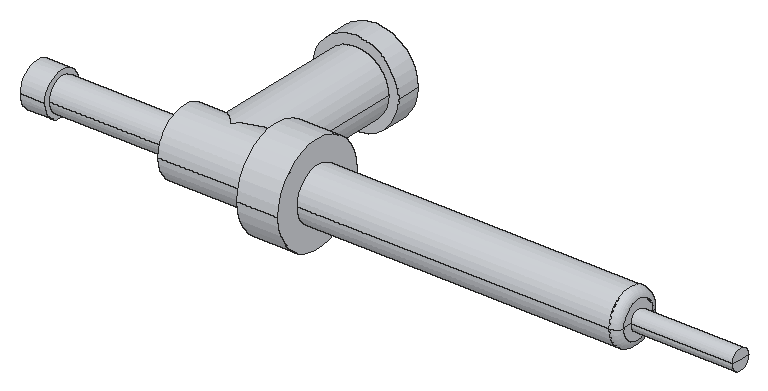
Revit family "9e1130722ef54950b4471e27ed01caa0", category Pipe Accessories, Revit 2021
Family settings
  Round Connector Dimension = Use Radius
  Part Type = Valve - Normal
  OmniClass Number = 23.65.55.14.17
  OmniClass Title = Adjusting/Controlling Valves for Liquid Services
  Seek Item ID = Pressure Relief Valve - 1-10 Inch-0000-USA-ENU
  Work Plane-Based = No
  Always vertical = Yes
  Cut with Voids When Loaded = No
  Shared = No
Parameters (values of type "1"x2"")
  Valve Material = none
  Outlet Nominal Radius = 1"
  Outlet Nominal Diameter = Outlet Nominal Radius * 2  # 2"
  Outlet Flange Radius = Outlet Flange Diameter / 2  # 0' - 1.3"
  Outlet Flange Diameter = Outlet Nominal Radius * 2.6  # 0' - 2.6"
  Inlet Nominal Radius = 1/2"
  Inlet Nominal Diameter = Inlet Nominal Radius * 2  # 1"
  Inlet Flange Radius = Inlet Flange Diameter / 2  # 0' - 0.65"
  Inlet Flange Diameter = Inlet Nominal Radius * 2.6  # 0' - 1.3"
  Height 4 = 0.2 * Height 1  # 0' - 3.1"
  Height 3 = 0.08 * Height 1  # 0' - 1.24"
  Height 2 = 1.4 * Outlet Nominal Diameter  # 0' - 2.8"
  Height 1 = 1' - 3 1/2"
  Radius 2 = 0.4 * Outlet Nominal Diameter  # 0' - 0.8"
  Radius 1 = 0.75 * Outlet Nominal Diameter  # 0' - 1 1/2"
  Default Elevation = 0' - 0"
  C2 Offset 2 = 0' - 5 7/8"
  C2 Offset 1 = 0' - 5 1/2"
Types (10): name | Outlet Nominal Radius | Outlet Nominal Diameter | Outlet Flange Radius | Outlet Flange Diameter | Inlet Nominal Radius | Inlet Nominal Diameter | Inlet Flange Radius | Inlet Flange Diameter | Height 4 | Height 3 | Height 2 | Height 1 | Radius 2 | Radius 1 | C2 Offset 2 | C2 Offset 1
  1"x2" | 1" | 2" | 0' - 1.3" | 0' - 2.6" | 1/2" | 1" | 0' - 0.65" | 0' - 1.3" | 0' - 3.1" | 0' - 1.24" | 0' - 2.8" | 1' - 3 1/2" | 0' - 0.8" | 0' - 1 1/2" | 0' - 5 7/8" | 0' - 5 1/2"
  1 1/2"x2" | 1" | 2" | 0' - 1.3" | 0' - 2.6" | 3/4" | 1 1/2" | 0' - 0.975" | 0' - 1.95" | 0' - 3.1" | 0' - 1.24" | 0' - 2.8" | 1' - 3 1/2" | 0' - 0.8" | 0' - 1 1/2" | 0' - 6 5/16" | 0' - 5 1/2"
  1 1/2"x3" | 1 1/2" | 3" | 0' - 1.95" | 0' - 3.9" | 3/4" | 1 1/2" | 0' - 0.975" | 0' - 1.95" | 0' - 4.2" | 0' - 1.68" | 0' - 4.2" | 1' - 9" | 0' - 1.2" | 0' - 2 1/4" | 0' - 6 7/8" | 0' - 6 5/16"
  2"x3" | 1 1/2" | 3" | 0' - 1.95" | 0' - 3.9" | 1" | 2" | 0' - 1.3" | 0' - 2.6" | 0' - 4.2" | 0' - 1.68" | 0' - 4.2" | 1' - 9" | 0' - 1.2" | 0' - 2 1/4" | 0' - 6 7/8" | 0' - 6 5/16"
  3"x4" | 2" | 4" | 0' - 2.6" | 0' - 5.2" | 1 1/2" | 3" | 0' - 1.95" | 0' - 3.9" | 0' - 5.4" | 0' - 2.16" | 0' - 5.6" | 2' - 3" | 0' - 1.6" | 0' - 3" | 0' - 6 11/16" | 0' - 7 1/2"
  4"x6" | 3" | 6" | 0' - 3.9" | 0' - 7.8" | 2" | 4" | 0' - 2.6" | 0' - 5.2" | 0' - 7.2" | 0' - 2.88" | 0' - 8.4" | 3' - 0" | 0' - 2.4" | 0' - 4 1/2" | 0' - 8 11/16" | 0' - 8 7/8"
  6"x8" | 4" | 8" | 0' - 5.2" | 0' - 10.4" | 3" | 6" | 0' - 3.9" | 0' - 7.8" | 0' - 7.3" | 0' - 2.92" | 0' - 11.2" | 3' - 0 1/2" | 0' - 3.2" | 0' - 6" | 0' - 9 7/16" | 0' - 8 7/8"
  6"x10" | 5" | 10" | 0' - 6 1/2" | 1' - 1" | 3" | 6" | 0' - 3.9" | 0' - 7.8" | 0' - 7.475" | 0' - 2.99" | 1' - 2" | 3' - 1 3/8" | 0' - 4" | 0' - 7 1/2" | 0' - 9 7/16" | 0' - 10 5/8"
  8"x10" | 5" | 10" | 0' - 6 1/2" | 1' - 1" | 4" | 8" | 0' - 5.2" | 0' - 10.4" | 0' - 8 1/4" | 0' - 3.3" | 1' - 2" | 3' - 5 1/4" | 0' - 4" | 0' - 7 1/2" | 0' - 11" | 0' - 11 13/16"
  10"x12" | 6" | 12" | 0' - 7.8" | 1' - 3.6" | 5" | 10" | 0' - 6 1/2" | 1' - 1" | 0' - 8 1/4" | 0' - 3.3" | 1' - 4.8" | 3' - 5 1/4" | 0' - 4.8" | 0' - 9" | 0' - 11" | 0' - 11 13/16"
Reference planes (in)
  plane 1 "Center (Front/Back)": y = 0
  plane 2: z = 0
  plane 3 "Center (Left/Right)": x = 0
  plane 4: x = 15.5
  plane 5: x = 1.4
  plane 6: x = -1.4
  plane 7: x = -5.125
  plane 8: x = 2.64
  plane 9: x = 12.4
  plane 10: x = 12.15
  plane 11: y = 0.8
  plane 12: y = -0.8
  plane 13: y = 0.3
  plane 14: y = -0.3
  plane 15: x = -1
  plane 16: x = 1
  plane 17: y = 1
  plane 18: y = -1
  plane 19: x = 5.0175
  plane 20: x = 7.395
  plane 21: x = 9.7725
  plane 22: y = 5.5
  plane 23: y = 4.75
  plane 24: x = -5.875
  plane 25: y = 0.55
Forms (in)
  Extrusion 1, solid, material <- "Valve Material", detail levels fine
    sketch origin (0, 0, 0) x (0, 1, 0) y (0, 0, 1)
      loop
        circle (0, 0) r 0.65
    from -5.875 to -5.125
  Extrusion 2, solid, material <- "Valve Material", detail levels fine
    sketch origin (0, 0, 0) x (0, 1, 0) y (0, 0, 1)
      loop
        circle (0, 0) r 0.5
    from -5.125 to -1.4
  Extrusion 3, solid, material <- "Valve Material", detail levels fine
    sketch origin (0, 0, 0) x (0, 1, 0) y (0, 0, 1)
      loop
        circle (0, 0) r 1
    from -1.4 to 1.4
  Extrusion 4, solid, material <- "Valve Material", detail levels fine
    sketch origin (0, 0, 0) x (0, 1, 0) y (0, 0, 1)
      loop
        circle (0, 0) r 1.5
    from 1.4 to 2.64
  Extrusion 5, solid, material <- "Valve Material", detail levels fine
    sketch origin (0, 0, 0) x (1, 0, 0) y (0, 0, 1)
      loop
        circle (0, 0) r 1
    from -4.75 to 0
  Extrusion 6, solid, material <- "Valve Material", detail levels fine
    sketch origin (0, 0, 0) x (1, 0, 0) y (0, 0, 1)
      loop
        circle (0, 0) r 1.3
    from -4.75 to -5.5
  Revolve 7, solid, material <- "Valve Material", detail levels fine
    sketch origin (0, 0, 0) x (1, 0, 0) y (0, 1, 0)
      loop
        line (2.64, 0.8) -> (2.64, 0) -> (15.5, 0) -> (15.5, 0.3) -> (12.4, 0.3) -> (12.4, 0.55)
        arc (12.4, 0.55) -> (12.32678, 0.72678) -> (12.15, 0.8) r 0.25
        line (12.15, 0.8) -> (2.64, 0.8)
      axis (2.64, 0) -> (15.5, 0)
    angle from 0 to 360
Cuts and joins
  joined: Extrusion 1, Extrusion 2, Extrusion 3, Extrusion 4, Extrusion 5, Extrusion 6, Revolve 7
Lines and regions (in)
  model lines, detail levels coarse+medium
    curve 1: line (-5.875, 0.65, 0) -> (-5.875, -0.65, 0)
    curve 2: line (-1, 1, 0) -> (-1, -1, 0)
    curve 3: line (-5.875, 0, 0) -> (-1, 0, 0)
    curve 4: line (0, 0, 0) -> (12.4, 0, 0)
    curve 5: line (0, 5.5, 0) -> (0.43301, 4.75, 0)
    curve 6: line (0, 5.5, 0) -> (-0.43301, 4.75, 0)
    curve 7: line (5.0175, 0.8, 0) -> (5.0175, -0.8, 0)
    curve 8: line (7.395, 0.8, 0) -> (7.395, -0.8, 0)
    curve 9: line (9.7725, 0.8, 0) -> (9.7725, -0.8, 0)
    curve 10: line (-1, 1, 0) -> (1, 1, 0)
    curve 11: line (-1, -1, 0) -> (1, 1, 0)
    curve 12: line (0, 5.5, 0) -> (0, 1, 0)
Dimensions and locks (in)
  "C2 Offset 2": plane 24 to plane 3 "Center (Left/Right)"
  locked: plane 24 to plane 7 at 0.75
  equal spacing: plane 6, plane 3 "Center (Left/Right)", plane 5
  "Height 2": plane 6 to plane 5
  equal spacing: plane 15, plane 3 "Center (Left/Right)", plane 16
  "Outlet Nominal Diameter": plane 15 to plane 16
  "Height 3": plane 5 to plane 8
  "Height 4": plane 9 to plane 4
  locked: plane 10 to plane 9 at 0.25
  equal spacing: plane 8, plane 19, plane 20, plane 21, plane 10
  "C2 Offset 1": plane 1 "Center (Front/Back)" to plane 22
  locked: plane 22 to plane 23 at 0.75
  equal spacing: curve 1, plane 1 "Center (Front/Back)", curve 1
  "Inlet Flange Diameter": curve 1 to curve 1
  "Height 1": plane 3 "Center (Left/Right)" to plane 4
  "Radius 2": plane 11 to plane 1 "Center (Front/Back)"
  equal spacing: plane 11, plane 1 "Center (Front/Back)", plane 12
  locked: plane 11 to plane 13 at 0.5
  locked: plane 12 to plane 14 at 0.5
  locked: plane 11 to plane 25 at 0.25
  equal spacing: plane 18, plane 1 "Center (Front/Back)", plane 17
  "Outlet Nominal Diameter": plane 18 to plane 17
  "Inlet Flange Radius": radius of Extrusion 1 sketch curve
  "Inlet Nominal Radius": radius of Extrusion 2 sketch curve
  "Outlet Nominal Radius": radius of Extrusion 3 sketch curve
  "Radius 1": radius of Extrusion 4 sketch curve
  "Outlet Nominal Radius": radius of Extrusion 5 sketch curve
  "Outlet Flange Radius": radius of Extrusion 6 sketch curve
  locked: plane 3 "Center (Left/Right)" to curve 5 (angle 30.00°)
  locked: curve 6 to plane 3 "Center (Left/Right)" (angle 30.00°)
  aligned and locked: plane 1 "Center (Front/Back)" to Extrusion 1 sketch curve
  aligned and locked: plane 2 to Extrusion 1 sketch curve
  aligned and locked: plane 1 "Center (Front/Back)" to Extrusion 2 sketch curve
  aligned and locked: plane 2 to Extrusion 2 sketch curve
  aligned and locked: plane 24 to Extrusion 1
  aligned and locked: Extrusion 1 to plane 7
  aligned and locked: plane 7 to Extrusion 2
  aligned and locked: Extrusion 2 to plane 6
  aligned and locked: plane 1 "Center (Front/Back)" to Extrusion 3 sketch curve
  aligned and locked: plane 2 to Extrusion 3 sketch curve
  aligned and locked: plane 6 to Extrusion 3
  aligned and locked: plane 5 to Extrusion 3
  aligned and locked: plane 1 "Center (Front/Back)" to Extrusion 4 sketch curve
  aligned and locked: plane 2 to Extrusion 4 sketch curve
  aligned and locked: Extrusion 4 to plane 5
  aligned and locked: plane 8 to Extrusion 4
  aligned and locked: plane 3 "Center (Left/Right)" to Extrusion 5 sketch curve
  aligned and locked: level to Extrusion 5 sketch curve
  aligned and locked: plane 3 "Center (Left/Right)" to Extrusion 6 sketch curve
  aligned and locked: plane 2 to Extrusion 6 sketch curve
  aligned and locked: Extrusion 6 to plane 22
  aligned and locked: Extrusion 6 to plane 23
  aligned and locked: plane 23 to Extrusion 5
  aligned and locked: plane 1 "Center (Front/Back)" to Extrusion 5
  aligned and locked: plane 24 to curve 1
  aligned and locked: plane 24 to curve 3
  aligned and locked: plane 1 "Center (Front/Back)" to curve 3
  aligned and locked: plane 9 to curve 4
  aligned and locked: plane 1 "Center (Front/Back)" to curve 4
  aligned and locked: plane 23 to curve 5
  aligned and locked: plane 23 to curve 6
  aligned and locked: plane 11 to curve 7
  aligned and locked: plane 12 to curve 7
  aligned and locked: curve 7 to plane 19
  aligned and locked: plane 11 to curve 8
  aligned and locked: plane 12 to curve 8
  aligned and locked: curve 8 to plane 20
  aligned and locked: plane 11 to curve 9
  aligned and locked: plane 12 to curve 9
  aligned and locked: curve 9 to plane 21
  aligned and locked: plane 15 to curve 10
  aligned and locked: plane 17 to curve 10
  aligned and locked: plane 15 to curve 11
  aligned and locked: plane 18 to curve 11
  aligned and locked: plane 16 to curve 11
  aligned and locked: plane 22 to curve 12
  aligned and locked: plane 17 to curve 12
  aligned and locked: curve 12 to plane 3 "Center (Left/Right)"
  aligned and locked: Revolve 7 sketch curve to plane 11
  aligned and locked: plane 25 to Revolve 7 sketch curve  (x2)
  aligned and locked: plane 10 to Revolve 7 sketch curve  (x2)
  aligned and locked: plane 13 to Revolve 7 sketch curve  (x2)
  aligned and locked: Revolve 7 sketch curve to plane 9
  aligned and locked: plane 9 to Revolve 7 sketch curve
  aligned and locked: plane 1 "Center (Front/Back)" to Revolve 7 sketch curve  (x3)
  aligned and locked: Revolve 7 sketch curve to plane 4
  aligned and locked: plane 4 to Revolve 7 sketch curve
  aligned and locked: plane 8 to Revolve 7 sketch curve
  aligned and locked: Revolve 7 sketch curve to plane 8
  aligned and locked: plane 19 to Revolve 7 sketch curve
  aligned and locked: plane 20 to Revolve 7 sketch curve
Connectors (in)
  piping at (-5.875, 0, 0), diameter 1, driven by "Inlet Nominal Radius"
    settings: on cut or joined group of Extrusion 1, Extrusion 2, Extrusion 3, Extrusion 4, Extrusion 5, Extrusion 6, Revolve 7, index 1, connector inside diameter 1", connector length 0' - 0", flow factor 0, pipe flow 0 GPM, pressure drop 0.00 psi, fitting loss kfactor 0, connector angle 0.00°, fixture units 0, engagement length 0' - 0", angle of deflection 0.00°, flow configuration 0, flow direction 0, fitting loss method 0, system type 29, joint type 0, gender type 0, connector reference index 2, connector utility 0, adjustable connector no, is connector primary yes, connector description "In"
  piping at (0, 5.5, 0), diameter 2, driven by "Outlet Nominal Radius"
    settings: on cut or joined group of Extrusion 1, Extrusion 2, Extrusion 3, Extrusion 4, Extrusion 5, Extrusion 6, Revolve 7, index 2, connector inside diameter 2", connector length 0' - 0", flow factor 0, pipe flow 0 GPM, pressure drop 0.00 psi, fitting loss kfactor 0, connector angle 0.00°, fixture units 0, engagement length 0' - 0", angle of deflection 0.00°, flow configuration 0, flow direction 0, fitting loss method 0, system type 29, joint type 0, gender type 0, connector reference index 1, connector utility 0, adjustable connector no, is connector primary no, connector description "Out"
